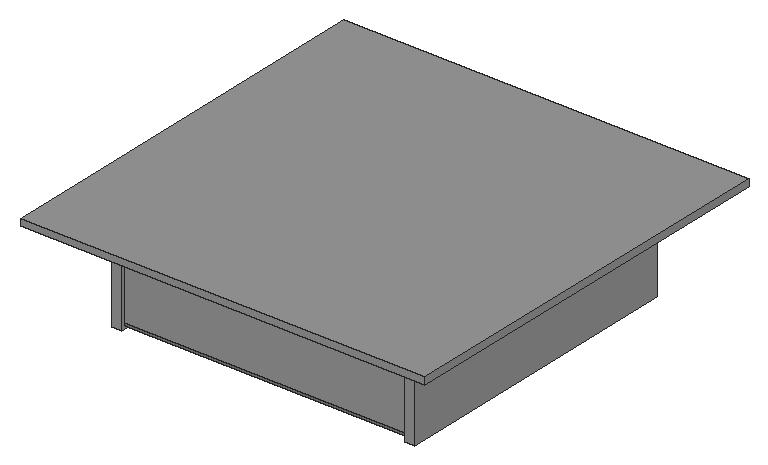
Revit family "Berica 2.0 M", category Lighting Fixtures, Revit 2020 (continued)
Definition of nested family "Light Source Berica 2.0"
  Types (4, lengths in mm): name | Photometric Web File | built-in parameter 1150142
      6 142.28 138.60 \r\n135.03 131.22 127.31 123.55 119.43 115.45 111.42 107.23 \r\n103.03 98.76 94.51 90.75 86.59 82.63 78.65 74.92 71.15 \r\n67.72 64.18 60.67 57.45 54.24 51.43 48.47 45.65 43.12 \r\n40.64 38.18 35.97 33.54 31.61 29.54 27.67 25.82 24.02 \r\n22.43 20.71 19.08 17.49 16.07 14.65 13.39 12.02 10.72 \r\n9.49 8.40 7.34 6.44 5.66 4.97 4.28 3.54 2.86 2.15 1.49 \r\n0.84 0.36 0.10 0.05 0.10 0.36 0.84 1.49 2.15 2.86 3.54 \r\n4.28 4.97 5.66 6.44 7.34 8.40 9.49 10.72 12.02 13.39 \r\n14.65 16.07 17.49 19.08 20.71 22.43 24.02 25.82 27.67 \r\n29.54 31.61 33.54 35.97 38.18 40.64 43.12 45.65 48.47 \r\n51.43 54.24 57.45 60.67 64.18 67.72 71.15 74.92 78.65 \r\n82.63 86.59 90.75 94.51 98.76 103.03 107.23 111.42 115.45 \r\n119.43 123.55 127.31 131.22 135.03 138.60 142.28 145.16 \r\n148.41 151.72 154.63 157.43 160.09 162.73 165.28 167.55 \r\n169.71 171.91 173.75 175.67 177.34 178.87 180.38 181.62 \r\n183.01 184.11 185.17 186.14 187.00 187.69 188.35 188.82 \r\n189.35 189.78 190.09 190.29 190.44 \r\n190.44 190.17 189.87 189.39 188.81 188.23 187.56 186.70 \r\n185.82 184.72 183.51 182.15 180.64 179.10 177.15 175.17 \r\n173.08 170.92 168.79 166.52 164.12 161.58 158.87 156.20 \r\n153.46 150.41 147.45 143.97 140.80 137.24 133.76 130.22 \r\n126.33 122.32 118.66 114.58 110.39 106.45 102.28 98.33 \r\n94.21 90.04 86.26 82.37 78.44 74.72 70.97 67.47 63.87 \r\n60.62 57.17 53.95 50.66 47.59 44.69 42.02 39.46 36.84 \r\n34.40 31.89 29.49 27.34 25.26 23.29 21.46 19.68 17.98 \r\n16.20 14.58 13.17 11.69 10.17 8.76 7.50 6.43 5.54 4.79 \r\n4.12 3.57 3.13 2.75 2.38 2.01 1.65 1.26 0.90 0.58 0.28 \r\n0.09 0.04 0.04 0.04 0.09 0.28 0.58 0.90 1.26 1.65 2.01 \r\n2.38 2.75 3.13 3.57 4.12 4.79 5.54 6.43 7.50 8.76 10.17 \r\n11.69 13.17 14.58 16.20 17.98 19.68 21.46 23.29 25.26 \r\n27.34 29.49 31.89 34.40 36.84 39.46 42.02 44.69 47.59 \r\n50.66 53.95 57.17 60.62 63.87 67.47 70.97 74.72 78.44 \r\n82.37 86.26 90.04 94.21 98.33 102.28 106.45 110.39 114.58 \r\n118.66 122.32 126.33 130.22 133.76 137.24 140.80 143.97 \r\n147.45 150.41 153.46 156.20 158.87 161.58 164.12 166.52 \r\n168.79 170.92 173.08 175.17 177.15 179.10 180.64 182.15 \r\n183.51 184.72 185.82 186.70 187.56 188.23 188.81 189.39 \r\n189.87 190.17 190.44 \r\n190.44 190.10 189.67 189.12 188.38 187.56 186.67 185.60 \r\n184.33 182.90 181.24 179.48 177.51 175.21 172.92 170.77 \r\n168.33 166.18 163.53 160.88 158.19 155.25 152.36 149.23 \r\n145.93 142.81 139.38 135.95 132.20 128.56 124.81 121.07 \r\n117.00 113.23 109.15 105.16 101.26 96.98 93.13 89.04 \r\n85.32 81.31 77.29 73.27 69.44 65.71 62.40 58.83 55.64 \r\n52.41 49.02 45.68 42.73 39.44 36.61 33.56 31.12 28.69 \r\n26.45 23.96 21.68 19.31 17.40 15.58 13.89 12.37 10.65 \r\n9.14 7.69 6.51 5.52 4.76 4.01 3.34 2.69 2.22 1.95 1.74 \r\n1.57 1.38 1.21 1.02 0.84 0.66 0.50 0.34 0.19 0.09 0.04 \r\n0.03 0.03 0.03 0.04 0.09 0.19 0.34 0.50 0.66 0.84 1.02 \r\n1.21 1.38 1.57 1.74 1.95 2.22 2.69 3.34 4.01 4.76 5.52 \r\n6.51 7.69 9.14 10.65 12.37 13.89 15.58 17.40 19.31 21.68 \r\n23.96 26.45 28.69 31.12 33.56 36.61 39.44 42.73 45.68 \r\n49.02 52.41 55.64 58.83 62.40 65.71 69.44 73.27 77.29 \r\n81.31 85.32 89.04 93.13 96.98 101.26 105.16 109.15 113.23 \r\n117.00 121.07 124.81 128.56 132.20 135.95 139.38 142.81 \r\n145.93 149.23 152.36 155.25 158.19 160.88 163.53 166.18 \r\n168.33 170.77 172.92 175.21 177.51 179.48 181.24 182.90 \r\n184.33 185.60 186.67 187.56 188.38 189.12 189.67 190.10 \r\n190.44 \r\n190.44 190.00 189.50 188.73 187.85 186.91 185.66 184.29 \r\n182.72 180.75 178.65 176.20 174.08 171.66 169.17 166.57 \r\n163.83 161.17 158.16 155.15 152.13 148.75 145.57 142.34 \r\n138.67 135.12 131.56 127.77 124.05 120.13 116.25 112.57 \r\n108.51 104.40 100.44 96.24 92.00 88.04 83.88 79.92 75.98 \r\n72.27 68.32 64.72 60.92 57.01 52.94 49.28 45.69 42.05 \r\n38.96 36.03 33.34 30.39 27.25 24.08 21.47 19.16 17.20 \r\n15.23 13.35 11.62 10.02 8.55 7.17 6.03 5.13 4.38 3.70 \r\n3.00 2.32 1.72 1.26 1.02 0.93 0.85 0.77 0.70 0.61 0.54 \r\n0.46 0.38 0.31 0.24 0.17 0.11 0.06 0.03 0.02 0.02 0.02 \r\n0.02 0.02 0.03 0.06 0.11 0.17 0.24 0.31 0.38 0.46 0.54 \r\n0.61 0.70 0.77 0.85 0.93 1.02 1.26 1.72 2.32 3.00 3.70 \r\n4.38 5.13 6.03 7.17 8.55 10.02 11.62 13.35 15.23 17.20 \r\n19.16 21.47 24.08 27.25 30.39 33.34 36.03 38.96 42.05 \r\n45.69 49.28 52.94 57.01 60.92 64.72 68.32 72.27 75.98 \r\n79.92 83.88 88.04 92.00 96.24 100.44 104.40 108.51 112.57 \r\n116.25 120.13 124.05 127.77 131.56 135.12 138.67 142.34 \r\n145.57 148.75 152.13 155.15 158.16 161.17 163.83 166.57 \r\n169.17 171.66 174.08 176.20 178.65 180.75 182.72 184.29 \r\n185.66 186.91 187.85 188.73 189.50 190.00 190.44 \r\n190.44 189.91 189.20 188.33 187.35 186.16 184.54 182.79 \r\n180.57 178.23 175.81 173.19 170.74 167.83 165.29 162.18 \r\n159.28 155.90 152.82 149.33 145.93 142.28 138.91 135.31 \r\n131.53 127.62 123.90 120.24 116.00 112.36 108.10 104.37 \r\n100.12 95.74 91.35 87.40 83.17 79.76 75.69 71.35 66.95 \r\n62.41 58.10 53.91 49.47 45.63 42.52 39.13 36.08 32.28 \r\n28.59 24.61 21.66 19.47 17.45 15.29 13.60 11.76 10.20 \r\n8.74 7.30 6.26 5.29 4.51 3.87 3.22 2.53 1.88 1.29 0.82 \r\n0.48 0.43 0.40 0.37 0.34 0.31 0.28 0.25 0.22 0.19 0.16 \r\n0.13 0.10 0.07 0.05 0.03 0.02 0.02 0.02 0.02 0.02 0.02 \r\n0.02 0.02 0.02 0.03 0.05 0.07 0.10 0.13 0.16 0.19 0.22 \r\n0.25 0.28 0.31 0.34 0.37 0.40 0.43 0.48 0.82 1.29 1.88 \r\n2.53 3.22 3.87 4.51 5.29 6.26 7.30 8.74 10.20 11.76 13.60 \r\n15.29 17.45 19.47 21.66 24.61 28.59 32.28 36.08 39.13 \r\n42.52 45.63 49.47 53.91 58.10 62.41 66.95 71.35 75.69 \r\n79.76 83.17 87.40 91.35 95.74 100.12 104.37 108.10 112.36 \r\n116.00 120.24 123.90 127.62 131.53 135.31 138.91 142.28 \r\n145.93 149.33 152.82 155.90 159.28 162.18 165.29 167.83 \r\n170.74 173.19 175.81 178.23 180.57 182.79 184.54 186.16 \r\n187.35 188.33 189.20 189.91 190.44 \r\n190.44 189.90 189.19 188.06 186.81 185.22 183.34 181.04 \r\n178.60 175.79 173.20 170.65 167.55 164.56 161.36 157.99 \r\n154.64 151.22 147.32 144.11 140.25 136.58 132.57 128.77 \r\n124.98 121.21 116.96 113.33 108.97 104.78 100.70 96.13 \r\n92.41 88.18 84.32 79.74 74.79 69.76 65.34 60.19 55.64 \r\n50.99 47.19 43.64 39.81 35.86 31.24 26.71 23.17 20.69 \r\n18.33 16.51 14.28 12.65 10.95 9.54 8.20 7.09 6.06 5.26 \r\n4.51 3.89 3.25 2.56 2.00 1.35 0.81 0.31 0.19 0.17 0.15 \r\n0.14 0.13 0.12 0.11 0.10 0.09 0.08 0.07 0.06 0.05 0.04 \r\n0.03 0.02 0.02 0.02 0.02 0.02 0.02 0.02 0.02 0.02 0.02 \r\n0.02 0.02 0.02 0.02 0.02 0.03 0.04 0.05 0.06 0.07 0.08 \r\n0.09 0.10 0.11 0.12 0.13 0.14 0.15 0.17 0.19 0.31 0.81 \r\n1.35 2.00 2.56 3.25 3.89 4.51 5.26 6.06 7.09 8.20 9.54 \r\n10.95 12.65 14.28 16.51 18.33 20.69 23.17 26.71 31.24 \r\n35.86 39.81 43.64 47.19 50.99 55.64 60.19 65.34 69.76 \r\n74.79 79.74 84.32 88.18 92.41 96.13 100.70 104.78 108.97 \r\n113.33 116.96 121.21 124.98 128.77 132.57 136.58 140.25 \r\n144.11 147.32 151.22 154.64 157.99 161.36 164.56 167.55 \r\n170.65 173.20 175.79 178.60 181.04 183.34 185.22 186.81 \r\n188.06 189.19 189.90 190.44 \r\n190.44 189.81 188.91 187.67 186.27 184.57 181.99 179.31 \r\n176.60 173.68 170.83 167.55 164.53 160.89 157.31 153.90 \r\n150.29 146.41 142.71 138.72 134.82 130.87 126.94 123.25 \r\n119.12 114.88 110.72 106.43 102.02 97.84 93.80 89.96 \r\n85.36 80.25 74.54 69.74 64.28 58.69 53.96 49.93 46.11 \r\n41.74 37.05 31.85 26.36 22.89 20.39 18.19 16.20 14.30 \r\n12.35 10.93 9.52 8.26 7.13 6.22 5.43 4.74 4.15 3.56 2.93 \r\n2.34 1.70 1.12 0.58 0.09 0.05 0.04 0.04 0.03 0.03 0.03 \r\n0.03 0.02 0.02 0.02 0.02 0.02 0.02 0.01 0.01 0.01 0.01 \r\n0.01 0.01 0.01 0.01 0.01 0.01 0.01 0.01 0.01 0.01 0.01 \r\n0.01 0.01 0.01 0.01 0.01 0.01 0.01 0.01 0.02 0.02 0.02 \r\n0.02 0.02 0.02 0.03 0.03 0.03 0.03 0.04 0.04 0.05 0.09 \r\n0.58 1.12 1.70 2.34 2.93 3.56 4.15 4.74 5.43 6.22 7.13 \r\n8.26 9.52 10.93 12.35 14.30 16.20 18.19 20.39 22.89 26.36 \r\n31.85 37.05 41.74 46.11 49.93 53.96 58.69 64.28 69.74 \r\n74.54 80.25 85.36 89.96 93.80 97.84 102.02 106.43 110.72 \r\n114.88 119.12 123.25 126.94 130.87 134.82 138.72 142.71 \r\n146.41 150.29 153.90 157.31 160.89 164.53 167.55 170.83 \r\n173.68 176.60 179.31 181.99 184.57 186.27 187.67 188.91 \r\n189.81 190.44 \r\n190.44 189.79 188.69 187.33 185.62 183.36 180.57 177.75 \r\n174.71 171.78 168.36 165.23 161.64 157.89 153.80 149.89 \r\n146.11 142.08 138.28 134.19 130.14 125.99 121.99 117.74 \r\n113.67 109.16 104.77 100.56 96.47 92.23 87.29 81.84 76.28 \r\n70.10 64.31 58.79 54.07 50.25 45.55 40.52 35.10 29.14 \r\n24.41 21.61 19.00 16.84 14.76 12.94 11.41 10.04 8.84 7.66 \r\n6.68 5.89 5.17 4.55 4.04 3.47 2.87 2.26 1.67 1.13 0.56 \r\n0.05 0.02 0.01 0.01 0.01 0.01 0.01 0.01 0.01 0.01 0.01 \r\n0.01 0.01 0.01 0.01 0.01 0.01 0.01 0.01 0.01 0.01 0.01 \r\n0.01 0.01 0.01 0.01 0.01 0.01 0.01 0.01 0.01 0.01 0.01 \r\n0.01 0.01 0.01 0.01 0.01 0.01 0.01 0.01 0.01 0.01 0.01 \r\n0.01 0.01 0.01 0.01 0.01 0.01 0.01 0.01 0.01 0.02 0.05 \r\n0.56 1.13 1.67 2.26 2.87 3.47 4.04 4.55 5.17 5.89 6.68 \r\n7.66 8.84 10.04 11.41 12.94 14.76 16.84 19.00 21.61 24.41 \r\n29.14 35.10 40.52 45.55 50.25 54.07 58.79 64.31 70.10 \r\n76.28 81.84 87.29 92.23 96.47 100.56 104.77 109.16 113.67 \r\n117.74 121.99 125.99 130.14 134.19 138.28 142.08 146.11 \r\n149.89 153.80 157.89 161.64 165.23 168.36 171.78 174.71 \r\n177.75 180.57 183.36 185.62 187.33 188.69 189.79 190.44 \r\n190.44 189.71 188.67 187.09 185.04 182.59 179.56 176.35 \r\n173.12 169.82 166.40 162.54 159.01 154.42 150.77 146.35 \r\n142.37 138.05 134.00 129.68 125.95 121.78 117.45 112.92 \r\n108.27 104.40 100.01 95.96 90.56 84.85 78.86 72.88 66.40 \r\n60.50 55.68 51.60 46.23 40.45 34.76 27.74 23.68 20.88 \r\n18.56 16.19 14.30 12.45 11.05 9.71 8.57 7.45 6.56 5.83 \r\n5.18 4.58 4.05 3.52 2.91 2.41 1.80 1.28 0.69 0.09 0.02 \r\n0.01 0.01 0.01 0.01 0.01 0.01 0.01 0.01 0.01 0.01 0.01 \r\n0.01 0.01 0.01 0.01 0.01 0.01 0.01 0.01 0.01 0.01 0.01 \r\n0.01 0.01 0.01 0.01 0.01 0.01 0.01 0.01 0.01 0.01 0.01 \r\n0.01 0.01 0.01 0.01 0.01 0.01 0.01 0.01 0.01 0.01 0.01 \r\n0.01 0.01 0.01 0.01 0.01 0.01 0.01 0.01 0.01 0.01 0.01 \r\n0.02 0.09 0.69 1.28 1.80 2.41 2.91 3.52 4.05 4.58 5.18 \r\n5.83 6.56 7.45 8.57 9.71 11.05 12.45 14.30 16.19 18.56 \r\n20.88 23.68 27.74 34.76 40.45 46.23 51.60 55.68 60.50 \r\n66.40 72.88 78.86 84.85 90.56 95.96 100.01 104.40 108.27 \r\n112.92 117.45 121.78 125.95 129.68 134.00 138.05 142.37 \r\n146.35 150.77 154.42 159.01 162.54 166.40 169.82 173.12 \r\n176.35 179.56 182.59 185.04 187.09 188.67 189.71 190.44 \r\n190.44 189.59 188.38 186.81 184.63 181.89 178.49 175.14 \r\n171.75 167.86 164.41 160.29 156.27 152.03 147.66 143.27 \r\n139.15 134.98 130.66 126.53 122.08 117.58 113.13 108.52 \r\n104.39 100.52 95.36 90.09 83.36 77.29 70.64 64.10 58.85 \r\n54.27 49.00 43.08 36.11 29.64 24.32 21.27 18.86 16.58 \r\n14.48 12.73 11.14 9.91 8.71 7.63 6.72 6.01 5.38 4.77 4.25 \r\n3.71 3.15 2.63 2.08 1.51 0.96 0.31 0.02 0.02 0.01 0.01 \r\n0.01 0.01 0.01 0.01 0.01 0.01 0.01 0.01 0.01 0.01 0.01 \r\n0.01 0.01 0.01 0.01 0.01 0.01 0.01 0.01 0.01 0.01 0.01 \r\n0.01 0.01 0.01 0.01 0.01 0.01 0.01 0.01 0.01 0.01 0.01 \r\n0.01 0.01 0.01 0.01 0.01 0.01 0.01 0.01 0.01 0.01 0.01 \r\n0.01 0.01 0.01 0.01 0.01 0.01 0.01 0.01 0.01 0.01 0.01 \r\n0.02 0.02 0.31 0.96 1.51 2.08 2.63 3.15 3.71 4.25 4.77 \r\n5.38 6.01 6.72 7.63 8.71 9.91 11.14 12.73 14.48 16.58 \r\n18.86 21.27 24.32 29.64 36.11 43.08 49.00 54.27 58.85 \r\n64.10 70.64 77.29 83.36 90.09 95.36 100.52 104.39 108.52 \r\n113.13 117.58 122.08 126.53 130.66 134.98 139.15 143.27 \r\n147.66 152.03 156.27 160.29 164.41 167.86 171.75 175.14 \r\n178.49 181.89 184.63 186.81 188.38 189.59 190.44 \r\n190.44 189.58 188.19 186.58 184.13 181.12 177.49 174.15 \r\n170.35 166.87 162.41 158.42 153.91 149.37 144.90 140.70 \r\n135.99 132.10 127.67 123.17 118.52 113.85 109.47 105.15 \r\n101.41 96.10 90.05 83.49 77.10 69.89 63.09 58.31 53.33 \r\n47.18 40.65 33.03 26.36 22.74 19.80 17.57 15.20 13.47 \r\n11.72 10.43 9.20 8.15 7.13 6.35 5.65 5.09 4.56 4.05 3.52 \r\n2.94 2.44 1.90 1.35 0.76 0.14 0.02 0.01 0.01 0.01 0.01 \r\n0.01 0.01 0.01 0.01 0.01 0.01 0.01 0.01 0.01 0.01 0.01 \r\n0.01 0.01 0.01 0.01 0.01 0.01 0.01 0.01 0.01 0.01 0.01 \r\n0.01 0.01 0.01 0.01 0.01 0.01 0.01 0.01 0.01 0.01 0.01 \r\n0.01 0.01 0.01 0.01 0.01 0.01 0.01 0.01 0.01 0.01 0.01 \r\n0.01 0.01 0.01 0.01 0.01 0.01 0.01 0.01 0.01 0.01 0.01 \r\n0.01 0.01 0.02 0.14 0.76 1.35 1.90 2.44 2.94 3.52 4.05 \r\n4.56 5.09 5.65 6.35 7.13 8.15 9.20 10.43 11.72 13.47 \r\n15.20 17.57 19.80 22.74 26.36 33.03 40.65 47.18 53.33 \r\n58.31 63.09 69.89 77.10 83.49 90.05 96.10 101.41 105.15 \r\n109.47 113.85 118.52 123.17 127.67 132.10 135.99 140.70 \r\n144.90 149.37 153.91 158.42 162.41 166.87 170.35 174.15 \r\n177.49 181.12 184.13 186.58 188.19 189.58 190.44 \r\n190.44 189.49 188.24 186.31 183.73 180.40 176.63 173.08 \r\n169.30 165.51 160.97 156.72 152.22 147.90 142.86 138.52 \r\n133.78 129.62 125.03 120.58 115.92 111.19 107.18 102.67 \r\n97.99 91.34 84.81 77.44 70.37 63.72 58.87 53.38 46.81 \r\n40.66 31.74 25.91 21.94 19.31 16.87 14.78 12.91 11.47 \r\n10.12 8.96 7.92 6.94 6.23 5.56 4.99 4.47 3.98 3.42 2.93 \r\n2.36 1.86 1.29 0.72 0.10 0.02 0.01 0.01 0.01 0.01 0.01 \r\n0.01 0.01 0.01 0.01 0.01 0.01 0.01 0.01 0.01 0.01 0.01 \r\n0.01 0.01 0.01 0.01 0.01 0.01 0.01 0.01 0.01 0.01 0.01 \r\n0.01 0.01 0.01 0.01 0.01 0.01 0.01 0.01 0.01 0.01 0.01 \r\n0.01 0.01 0.01 0.01 0.01 0.01 0.01 0.01 0.01 0.01 0.01 \r\n0.01 0.01 0.01 0.01 0.01 0.01 0.01 0.01 0.01 0.01 0.01 \r\n0.01 0.01 0.01 0.02 0.10 0.72 1.29 1.86 2.36 2.93 3.42 \r\n3.98 4.47 4.99 5.56 6.23 6.94 7.92 8.96 10.12 11.47 12.91 \r\n14.78 16.87 19.31 21.94 25.91 31.74 40.66 46.81 53.38 \r\n58.87 63.72 70.37 77.44 84.81 91.34 97.99 102.67 107.18 \r\n111.19 115.92 120.58 125.03 129.62 133.78 138.52 142.86 \r\n147.90 152.22 156.72 160.97 165.51 169.30 173.08 176.63 \r\n180.40 183.73 186.31 188.24 189.49 190.44 \r\n190.44 189.57 188.02 186.18 183.39 179.75 176.07 172.42 \r\n168.46 164.28 159.64 155.37 150.63 145.95 141.21 136.36 \r\n132.05 127.42 123.07 118.10 113.52 108.78 105.04 99.98 \r\n93.81 87.48 80.25 72.53 65.00 60.32 54.82 48.03 41.30 \r\n32.80 25.65 22.12 19.17 16.88 14.63 12.94 11.37 10.10 \r\n8.91 7.85 6.90 6.18 5.58 4.99 4.48 3.98 3.47 2.91 2.43 \r\n1.91 1.36 0.75 0.11 0.02 0.01 0.01 0.01 0.01 0.01 0.01 \r\n0.01 0.01 0.01 0.01 0.01 0.01 0.01 0.01 0.01 0.01 0.01 \r\n0.01 0.01 0.01 0.01 0.01 0.02 0.02 0.02 0.02 0.02 0.02 \r\n0.02 0.02 0.02 0.02 0.02 0.02 0.02 0.02 0.02 0.02 0.02 \r\n0.02 0.02 0.02 0.02 0.01 0.01 0.01 0.01 0.01 0.01 0.01 \r\n0.01 0.01 0.01 0.01 0.01 0.01 0.01 0.01 0.01 0.01 0.01 \r\n0.01 0.01 0.01 0.01 0.02 0.11 0.75 1.36 1.91 2.43 2.91 \r\n3.47 3.98 4.48 4.99 5.58 6.18 6.90 7.85 8.91 10.10 11.37 \r\n12.94 14.63 16.88 19.17 22.12 25.65 32.80 41.30 48.03 \r\n54.82 60.32 65.00 72.53 80.25 87.48 93.81 99.98 105.04 \r\n108.78 113.52 118.10 123.07 127.42 132.05 136.36 141.21 \r\n145.95 150.63 155.37 159.64 164.28 168.46 172.42 176.07 \r\n179.75 183.39 186.18 188.02 189.57 190.44 \r\n190.44 189.51 188.07 185.94 183.08 179.44 175.67 172.18 \r\n167.83 163.56 158.93 154.34 149.55 144.86 139.96 135.24 \r\n130.49 126.10 121.10 116.34 111.79 107.35 103.33 97.50 \r\n91.04 83.51 76.25 68.39 62.58 57.32 51.01 43.99 35.75 \r\n27.79 22.90 20.13 17.49 15.26 13.32 11.76 10.35 9.30 8.12 \r\n7.16 6.32 5.70 5.15 4.62 4.14 3.64 3.08 2.57 2.12 1.50 \r\n0.99 0.25 0.02 0.01 0.01 0.01 0.01 0.01 0.01 0.01 0.01 \r\n0.01 0.01 0.01 0.01 0.01 0.01 0.01 0.01 0.01 0.02 0.02 \r\n0.02 0.02 0.02 0.02 0.03 0.03 0.03 0.03 0.03 0.03 0.04 \r\n0.04 0.04 0.04 0.04 0.04 0.04 0.04 0.04 0.03 0.03 0.03 \r\n0.03 0.03 0.03 0.02 0.02 0.02 0.02 0.02 0.02 0.01 0.01 \r\n0.01 0.01 0.01 0.01 0.01 0.01 0.01 0.01 0.01 0.01 0.01 \r\n0.01 0.01 0.01 0.01 0.02 0.25 0.99 1.50 2.12 2.57 3.08 \r\n3.64 4.14 4.62 5.15 5.70 6.32 7.16 8.12 9.30 10.35 11.76 \r\n13.32 15.26 17.49 20.13 22.90 27.79 35.75 43.99 51.01 \r\n57.32 62.58 68.39 76.25 83.51 91.04 97.50 103.33 107.35 \r\n111.79 116.34 121.10 126.10 130.49 135.24 139.96 144.86 \r\n149.55 154.34 158.93 163.56 167.83 172.18 175.67 179.44 \r\n183.08 185.94 188.07 189.51 190.44 \r\n190.44 189.49 187.96 186.02 182.95 179.35 175.41 171.55 \r\n167.44 162.81 158.39 153.59 148.98 143.74 139.13 134.14 \r\n129.69 124.98 120.23 115.26 110.42 106.41 101.75 95.84 \r\n88.55 81.66 73.43 65.99 60.49 54.97 47.39 40.56 31.25 \r\n24.86 21.22 18.69 16.31 14.10 12.45 10.93 9.76 8.59 7.50 \r\n6.66 5.97 5.36 4.86 4.34 3.87 3.35 2.81 2.34 1.84 1.27 \r\n0.63 0.05 0.02 0.01 0.01 0.01 0.01 0.01 0.01 0.01 0.01 \r\n0.01 0.01 0.01 0.01 0.01 0.01 0.02 0.02 0.02 0.02 0.03 \r\n0.03 0.03 0.03 0.04 0.04 0.04 0.04 0.05 0.05 0.05 0.05 \r\n0.05 0.05 0.05 0.05 0.05 0.05 0.05 0.05 0.05 0.05 0.05 \r\n0.04 0.04 0.04 0.04 0.03 0.03 0.03 0.03 0.02 0.02 0.02 \r\n0.02 0.0
